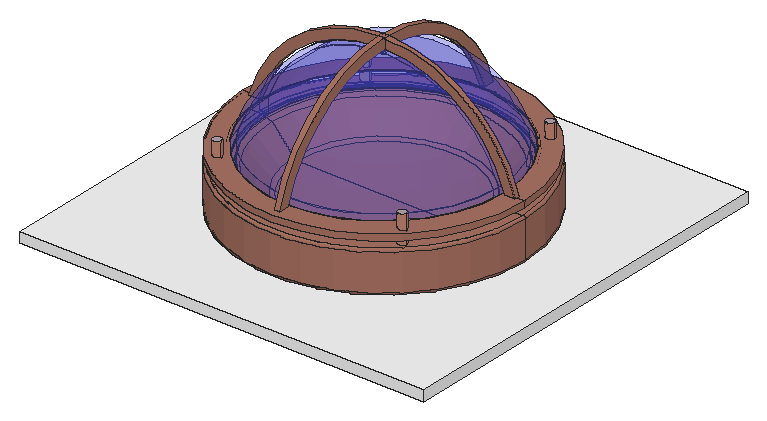
Revit family "BE_31329_de_DE", category Leuchten, Revit 2020
Family settings
  Basisbauteil = Fläche
  Bemaßung runder Anschluss = Durchmesser verwenden
  Teiletyp = Normal
  Beim Laden mit Abzugskörper schneiden = Ja
  Lichtquelle = Ja
  Gemeinsam genutzt = Nein
  Raumberechnungspunkt = Ja
Parameters (values of type "BEGA_31329_K3")
  built-in parameter 1150104 = 18.163 (stored number, unit not read)
  Wattage = 7.7 W
  Default Elevation = 0 mm
  built-in parameter 1150113 = 1 (stored number, unit not read)
  built-in parameter 1114218 = 1 (stored number, unit not read)
  Umgebungstemperatur = "25 °C"
  URL = "https://www.bega.com/de/produkt/31329"
  Typenkommentare = "© 2022 BEGA. Wir behalten uns das Recht vor, technische Änderungen ohne vorherige Ankündigung vorzunehmen."  # constant formula
  built-in parameter 1150134 = (empty or 0)
  built-in parameter 1150109 = 1 (stored number, unit not read)
  Strom = ""
  built-in parameter 1150110 = 1 (stored number, unit not read)
  Spannung = 239.996 V
  Sonderanfertigung = no
  Seriennummer [instance] = "Hier können Sie die eindeutige Seriennummer für das Facility Management eintragen."
  Schutzklasse = "I"
  Schutzart = "IP 64"
  Scheinlast = 0 VA
  Produktdatenblatt = "https://cdn.bega.com/bega/products/31329K3/current/documents/data-sheets/de"
  Oberflächentemperatur = ""
  Neigungswinkel = 0.00°
  Modell = "31329K3"
  Material_31 = BEGA_Oberfläche_Messing_matt
  Material_29 = BEGA_Oberfläche_Kupfer_matt
  Material_17 = BEGA_Reflektor
  Material_15 = BEGA_Leuchtmedium_matt
  Material_11 = BEGA_Glas_opal
  Material_09 = BEGA_Glas_klar
  Material_06 = BEGA_Oberfläche_Edelstahl_gebürstet
  Material_03 = BEGA_Oberfläche_Weiss_matt
  Material_02 = BEGA_Oberfläche_Silber_matt
  Material_01 [instance] = BEGA_Oberfläche_Grafit_matt
  M_W = no
  M_G = no
  M_A = no
  Logo = 0
  built-in parameter 1114217 = 1 (stored number, unit not read)
  built-in parameter 1150139 = (empty or 0)
  built-in parameter 1150105 = 119.79 (stored number, unit not read)
  built-in parameter 1150114 = 1 (stored number, unit not read)
  Lumens = 1505.35 lm
  built-in parameter 1150115 = 1 (stored number, unit not read)
  Leuchtenlichtstrom = "830 lm"
  Leuchtenanzahl = ""
  Lebensdauerkriterien = "L70B50 @ 25 °C = 200000 h"
  Lastklassifizierung = Beleuchtung
  built-in parameter 1150112 = 1 (stored number, unit not read)
  Lampenlichtstrom = "1505 lm"
  Lampe = "LED 7.7 W"
  LED_Modulbezeichnung = "LED-0276/830"
  built-in parameter 1150142 = (empty or 0)
  Hersteller = "BEGA"  # constant formula
  Halbstreuwinkel = ""
  Gewicht = "2.98 kg"
  Gebrauchslageneinschränkung [instance] = ""
  Frequenz = "0/50-60 Hz"
  Farbwiedergabeindex = "CRI > 80"
  Farbtemperaturverschiebung bei Dämpfen der Lampe = <Keine Auswahl>
  Farbtemperatur = "3000 K"
  Color Filter = 16777215
  built-in parameter 1150133 = 10 (stored number, unit not read)
  Energieeffizienzklasse = "LED A++ - A"
  built-in parameter 1150137 = (empty or 0)
  built-in parameter 1150132 = (empty or 0)
  ENEC = "ja"
  Datei für fotometrisches Netz = "BE_31329K3.IES"
  CE_Konformität = "ja"
  Bestellnummer = "31329K3"
  Beschreibung_Sonderanfertigung = "Hier können Sie Informationen zur Sonderanfertigung eintragen."
  Beschreibung = "Decken- und Wandleuchte"
  built-in parameter 1150106 = 1.1979 (stored number, unit not read)
  Befestigungsbohrung = "Ø 5,5 mm"
  Befestigungsabstand = "108 x 108 mm"
  Ballwurfsicher = ""
  BEGA_Intern_aus = yes
  BEGA_Intern_an = yes
  BEGA_Intern_Konstruktion = yes
  BEGA_Intern = yes
  BEGA_IES = yes
  BEGA_Dummy = no
  Anschlussleitung = ""
  Anschlussleistung [instance] = "9.2 W"
  built-in parameter 1150107 = 3000 (stored number, unit not read)
  built-in parameter 1150102 = (empty or 0)
  built-in parameter 1150138 = (empty or 0)
  Aktualisierung = "2022-05-18T04:00:07"
  Abstand_zur_angestrahlten_Fläche [instance] = ""
  AC/DC = "AC/DC"
Reference planes
  plane 1 "Mitte (Vorne/Hinten)": y = 0
  plane 2: z = 0
  plane 3 "Mitte (Links/Rechts)": x = 0
  plane 4 "Links": x = -140
  plane 5 "Rechts": x = 140
  plane 6 "Unten": y = -140
  plane 7 "Oben": y = 140
  plane 8 "Vorne": z = 155.903
  plane 9 "Hinten": z = 0
Forms (mm)
  Extrusion 1, solid, material "BEGA_Platte_Weiss"
    sketch origin (0, -1119.2, 0) x (1, 0, 0) y (0, 1, 0)
      loop
        line (-200, 1319.2) -> (-200, 919.2) -> (200, 919.2) -> (200, 1319.2) -> (-200, 1319.2)
    from 0 to -10
  Extrusion 2, solid, material "BEGA_Dummy_matt", visible <- "BEGA_Dummy"
    sketch origin (77.149, -76.023, 0) x (1, 0, 0) y (0, 1, 0)
      loop
        circle (-77.149, 76.023) r 140
    from 0 to 155.903
Dimensions and locks
  plane 1 "Mitte (Vorne/Hinten)" to Extrusion 1 = 200 mm
  aligned and locked: plane 2 to Extrusion 1
  aligned and locked: level to Extrusion 1
Nested families
  nested 1: "BE_31329" at (0, 0, 0), type "BE_31329"
Connectors
  electrical at (0, 0, 0), driven by "Lastklassifizierung", driven by "Spannung", driven by "Scheinlast"
    settings: index 1, voltage 239.996 V, apparent load 0 VA, apparent load phase1 0 VA, apparent load phase2 0 VA, apparent load phase3 0 VA, power factor 1, load classification "Beleuchtung", number of poles 1, system type 31, power factor state 1, is connector primary yes, connector utility no, sub classification motor no, connector description ""
Definition of nested family "BE_31329"
  Parameters (values of type "BE_31329")
    Default Elevation = 1 mm
    URL = "http://www.bega.de/de/produkt"
    Type Comments = "© 2015 BEGA. Wir behalten uns das Recht vor, technische Änderungen ohne vorherige Ankündigung vorzunehmen. "  # constant formula
    Type Image = (empty or 0)
    Neigungswinkel_um_Z2 = 0.00°
    Neigungswinkel_um_Z1 = 0.00°
    Neigungswinkel_um_Y2 = 0.00°
    Neigungswinkel_um_Y1 = 0.00°
    Neigungswinkel_um_X2 = 0.00°
    Neigungswinkel_um_X1 = 0.00°
    Material_31 = none
    Material_29 = none
    Material_17 = none
    Material_15 = none
    Material_11 = none
    Material_09 = none
    Material_06 = none
    Material_02 = none
    Material_01 = none
    M_W = yes
    M_G = yes
    M_A = yes
    Länge_Platte = 200 mm  # constant formula
    Höhe_Platte = -10 mm  # constant formula
    Manufacturer = "BEGA"  # constant formula
    Drehwinkel_um_Z2 = 0.00°
    Drehwinkel_um_Z1 = 0.00°
    Breite_Platte = 200 mm  # constant formula
  Reference planes
    plane 1 "Mitte (Oben/Unten)": y = 0
    plane 2: z = 0
    plane 3 "Mitte (Links/Rechts)": x = 0
    plane 4 "Vorne": z = 155.903
    plane 5 "Hinten": z = 0
    plane 6: x = -140
    plane 7: x = 140
    plane 8: y = -140
    plane 9: y = 140
  Forms (mm)
    Extrusion 1, solid, detail levels medium
      sketch origin (0, 0, 0) x (1, 0, 0) y (0, 1, 0)
        loop
          line (-100, 100) -> (-100, -100) -> (100, -100) -> (100, 100) -> (-100, 100)
      from 0 to -10 <- "Höhe_Platte"
    Revolve 2, solid, material <- "Material_29"
      sketch origin (0, 0, 0) x (1, 0, 0) y (0, 0, 1)
        loop
          line (-136, 4.25) -> (-136, 5.25) -> (-137.5, 5.25)
          arc (-137.5, 5.25) -> (-138.561, 5.689) -> (-139, 6.75) r 1.5
          line (-139, 6.75) -> (-139, 42.75)
          arc (-139, 42.75) -> (-138.561, 43.811) -> (-137.5, 44.25) r 1.5
          line (-137.5, 44.25) -> (-120.5, 44.25) -> (-120.5, 41.75) -> (-116.489, 41.75)
          arc (-116.489, 41.75) -> (-113.765, 41.198) -> (-111.47, 39.629) r 7
          line (-111.47, 39.629) -> (-90.008, 16.484)
          arc (-90.008, 16.484) -> (-87.68, 14.834) -> (-84.888, 14.25) r 7
          line (-84.888, 14.25) -> (0, 14.25) -> (0, 15.25) -> (-84.881, 15.25)
          arc (-84.881, 15.25) -> (-87.275, 15.748) -> (-89.272, 17.161) r 6
          line (-89.272, 17.161) -> (-111.033, 40.629)
          arc (-111.033, 40.629) -> (-113.328, 42.198) -> (-116.053, 42.75) r 7
          line (-116.053, 42.75) -> (-119.5, 42.75) -> (-119.5, 45.25) -> (-137.5, 45.25)
          arc (-137.5, 45.25) -> (-139.268, 44.518) -> (-140, 42.75) r 2.5
          line (-140, 42.75) -> (-140, 6.75)
          arc (-140, 6.75) -> (-139.268, 4.982) -> (-137.5, 4.25) r 2.5
          line (-137.5, 4.25) -> (-136, 4.25)
        axis (0, 4.25) -> (0, 45.25)
      angle from 0 to 360
    Revolve 3, solid, material <- "Material_11"
      sketch origin (0, 0, 0) x (1, 0, 0) y (0, 0, 1)
        loop
          line (-2.211, 140.45) -> (-0.014, 140.45) -> (-0.014, 144.45) -> (-2.207, 144.45)
          arc (-2.207, 144.45) -> (-74.734, 120.727) -> (-119.25, 58.75) r 122.811
          line (-119.25, 58.75) -> (-119.25, 57.75) -> (-121.15, 57.75)
          arc (-121.15, 57.75) -> (-121.846, 57.469) -> (-122.15, 56.783) r 1
          line (-122.15, 56.783) -> (-122.5, 46.75) -> (-118.5, 46.75) -> (-118.5, 45.25) -> (-115, 45.25) -> (-114, 46.25) -> (-114, 61.794)
          arc (-114, 61.794) -> (-70.549, 118.808) -> (-2.211, 140.45) r 118.811
        axis (0, 45.25) -> (0, 144.45)
      angle from 0 to 360
    Revolve 4, solid, material <- "Material_29"
      sketch origin (0, 0, 0) x (1, 0, 0) y (0, 0, 1)
        loop
          line (-138.5, 57.75) -> (-119.65, 57.75) -> (-119.65, 58.75) -> (-139.5, 58.75) -> (-139.5, 52.75) -> (-138.5, 52.75) -> (-138.5, 57.75)
        axis (0, 52.75) -> (0, 58.75)
      angle from 0 to 360
    Extrusion 5, solid, material <- "Material_29"
      sketch origin (0, 0, 0) x (1, 0, 0) y (0, 0, 1)
        loop
          arc (-3.536, 155.903) -> (-83.485, 128.495) -> (-131.221, 58.75) r 134.271
          line (-131.221, 58.75) -> (-121.346, 58.75)
          arc (-121.346, 58.75) -> (-76.329, 122.037) -> (-2.6, 146.449) r 124.811
          line (-2.6, 146.449) -> (-2.6, 151.443) -> (2.6, 151.443) -> (2.6, 146.449)
          arc (2.6, 146.449) -> (76.329, 122.037) -> (121.346, 58.75) r 124.811
          line (121.346, 58.75) -> (131.221, 58.75)
          arc (131.221, 58.75) -> (83.485, 128.495) -> (3.536, 155.903) r 134.271
          line (3.536, 155.903) -> (-3.536, 155.903)
      from -2.6 to 2.6
    Extrusion 6, solid, material <- "Material_29"
      sketch origin (0, 0, 0) x (0, 1, 0) y (0, 0, 1)
        loop
          arc (-2.6, 155.909) -> (-83.112, 128.778) -> (-131.221, 58.75) r 134.271
          line (-131.221, 58.75) -> (-121.346, 58.75)
          arc (-121.346, 58.75) -> (-76.704, 121.759) -> (-3.536, 146.443) r 124.811
          line (-3.536, 146.443) -> (3.536, 146.443)
          arc (3.536, 146.443) -> (76.704, 121.759) -> (121.346, 58.75) r 124.811
          line (121.346, 58.75) -> (131.221, 58.75)
          arc (131.221, 58.75) -> (83.112, 128.778) -> (2.6, 155.909) r 134.271
          line (2.6, 155.909) -> (2.6, 151.443) -> (-2.6, 151.443) -> (-2.6, 155.909)
      from -2.6 to 2.6
    Extrusion 7, void
      sketch origin (0, 0, 0) x (1, 0, 0) y (0, 1, 0)
        loop
          circle (-91.57, 91.57) r 4
        loop
          circle (-91.57, -91.57) r 4
        loop
          circle (91.57, -91.57) r 4
        loop
          circle (91.57, 91.57) r 4
      from 45.25 to 61.794
    Extrusion 8, solid, material <- "Material_31"
      sketch origin (0, 0, 0) x (1, 0, 0) y (0, 1, 0)
        loop
          circle (-91.57, 91.57) r 4
        loop
          circle (-91.57, -91.57) r 4
        loop
          circle (91.57, -91.57) r 4
        loop
          circle (91.57, 91.57) r 4
      from 44.25 to 72.35
    Extrusion 9, solid, material <- "Material_29"
      sketch origin (0, 0, 0) x (1, 0, 0) y (0, 1, 0)
        loop
          circle (54.094, 54.094) r 7.082
        loop
          circle (54.094, 54.094) r 2.75
        loop
          circle (-56.569, 56.569) r 2.75
        loop
          circle (-54.094, -54.094) r 7.082
        loop
          circle (-54.094, -54.094) r 2.75
        loop
          circle (56.569, -56.569) r 2.75
      from 0 to 14.622
  Cuts and joins
    Extrusion 7 cuts Revolve 2
    Extrusion 7 cuts Revolve 4
    joined: Revolve 2, Revolve 4, Extrusion 9
  Dimensions and locks
    equal spacing: Extrusion 1 sketch curve, plane 3 "Mitte (Links/Rechts)", Extrusion 1 sketch curve
    equal spacing: Extrusion 1 sketch curve, plane 1 "Mitte (Oben/Unten)", Extrusion 1 sketch curve
    "Länge_Platte": Extrusion 1 sketch curve to Extrusion 1 sketch curve
    "Breite_Platte": Extrusion 1 sketch curve to Extrusion 1 sketch curve
    aligned and locked: plane 2 to Extrusion 1
    aligned and locked: level to Extrusion 1
  Automatic sketch dimensions
    Revolve 2 sketch curve to Revolve 2 sketch curve = 0 mm  (x23)
    Revolve 2 sketch curve to plane 3 "Mitte (Links/Rechts)" = 0 mm  (x2)
    level to Revolve 2 sketch curve = 21.25 mm
    Revolve 2 sketch curve to plane 3 "Mitte (Links/Rechts)" = 84.881 mm
    Revolve 2 sketch curve to Revolve 2 sketch curve = 0.006 mm
    level to Revolve 2 sketch curve = 17.161 mm
    Revolve 2 sketch curve to Revolve 2 sketch curve = 4.391 mm
    level to Revolve 2 sketch curve = 16.484 mm
    Revolve 2 sketch curve to Revolve 2 sketch curve = 0.736 mm
    level to Revolve 2 sketch curve = 40.629 mm
    Revolve 2 sketch curve to Revolve 2 sketch curve = 21.762 mm
    level to Revolve 2 sketch curve = 39.629 mm
    Revolve 2 sketch curve to Revolve 2 sketch curve = 0.436 mm  (x2)
    Revolve 2 sketch curve to Revolve 2 sketch curve = 4.583 mm
    Revolve 2 sketch curve to Revolve 2 sketch curve = 3.447 mm
    Revolve 2 sketch curve to Revolve 2 sketch curve = 1 mm  (x7)
    level to Revolve 2 sketch curve = 4.25 mm
    Revolve 2 sketch curve to Revolve 2 sketch curve = 19.511 mm
    Revolve 2 sketch curve to Revolve 2 sketch curve = 17 mm
    Revolve 2 sketch curve to Revolve 2 sketch curve = 1.5 mm  (x6)
    Revolve 2 sketch curve to Revolve 2 sketch curve = 4.879 mm
    Revolve 2 sketch curve to Revolve 2 sketch curve = 52.5 mm
    Revolve 2 sketch curve to Revolve 2 sketch curve = 35 mm
    Revolve 3 sketch curve to Revolve 3 sketch curve = 0 mm  (x2)
    Revolve 3 sketch curve to plane 3 "Mitte (Links/Rechts)" = 0 mm
    Revolve 3 sketch curve to plane 3 "Mitte (Links/Rechts)" = 0.014 mm
    Revolve 3 sketch curve to plane 3 "Mitte (Links/Rechts)" = 2.18 mm
    Revolve 3 sketch curve to Revolve 3 sketch curve = 2.194 mm
    Revolve 3 sketch curve to Revolve 3 sketch curve = 2.197 mm
    Revolve 3 sketch curve to Revolve 3 sketch curve = 1 mm  (x3)
    Revolve 3 sketch curve to Revolve 3 sketch curve = 3.5 mm
    Revolve 3 sketch curve to Revolve 3 sketch curve = 5.25 mm
    Revolve 3 sketch curve to Revolve 3 sketch curve = 1.9 mm
    Revolve 3 sketch curve to Revolve 3 sketch curve = 0.999 mm
    Revolve 3 sketch curve to Revolve 3 sketch curve = 4 mm
    level to Revolve 3 sketch curve = 21.639 mm
    level to Revolve 3 sketch curve = 45.25 mm
    Revolve 3 sketch curve to Revolve 3 sketch curve = 1.5 mm
    Revolve 3 sketch curve to Revolve 3 sketch curve = 10 mm  (x2)
    Revolve 3 sketch curve to Revolve 3 sketch curve = 0.033 mm
    Revolve 3 sketch curve to Revolve 3 sketch curve = 3.044 mm
    Revolve 3 sketch curve to Revolve 3 sketch curve = 25 mm
    Revolve 4 sketch curve to plane 3 "Mitte (Links/Rechts)" = 0 mm
    Revolve 4 sketch curve to Revolve 4 sketch curve = 18.85 mm
    Revolve 4 sketch curve to Revolve 4 sketch curve = 1 mm  (x2)
    level to Revolve 4 sketch curve = 52.75 mm
    Revolve 4 sketch curve to Revolve 4 sketch curve = 5 mm
    level to Revolve 4 sketch curve = 27.75 mm
    Revolve 4 sketch curve to Revolve 4 sketch curve = 45 mm
    Extrusion 6 sketch curve to Extrusion 6 sketch curve = 0 mm  (x5)
    Extrusion 6 sketch curve to Extrusion 6 sketch curve = 9.875 mm  (x2)
    plane 1 "Mitte (Oben/Unten)" to Extrusion 6 sketch curve = 3.536 mm
    plane 1 "Mitte (Oben/Unten)" to Extrusion 6 sketch curve = 2.6 mm
    plane 1 "Mitte (Oben/Unten)" to Extrusion 6 sketch curve = 2.18 mm
    Extrusion 6 sketch curve to plane 1 "Mitte (Oben/Unten)" = 2.18 mm
    Extrusion 6 sketch curve to plane 1 "Mitte (Oben/Unten)" = 2.6 mm
    Extrusion 6 sketch curve to plane 1 "Mitte (Oben/Unten)" = 3.536 mm
    level to Extrusion 6 sketch curve = 58.75 mm  (x2)
    level to Extrusion 6 sketch curve = 21.639 mm
    Extrusion 6 sketch curve to Extrusion 6 sketch curve = 4.467 mm
    Extrusion 5 sketch curve to Extrusion 5 sketch curve = 0 mm  (x6)
    Extrusion 5 sketch curve to Extrusion 5 sketch curve = 9.875 mm  (x2)
    Extrusion 5 sketch curve to plane 3 "Mitte (Links/Rechts)" = 2.6 mm
    Extrusion 5 sketch curve to plane 3 "Mitte (Links/Rechts)" = 2.18 mm
    plane 3 "Mitte (Links/Rechts)" to Extrusion 5 sketch curve = 2.18 mm
    plane 3 "Mitte (Links/Rechts)" to Extrusion 5 sketch curve = 2.6 mm
    level to Extrusion 5 sketch curve = 58.75 mm  (x2)
    level to Extrusion 5 sketch curve = 21.639 mm
    Extrusion 5 sketch curve to plane 3 "Mitte (Links/Rechts)" = 3.536 mm
    Extrusion 5 sketch curve to Extrusion 5 sketch curve = 4.461 mm
    Extrusion 8 sketch curve to plane 3 "Mitte (Links/Rechts)" = 91.57 mm  (x2)
    Extrusion 8 sketch curve to plane 1 "Mitte (Oben/Unten)" = 91.57 mm  (x2)
    Extrusion 8 sketch curve to Extrusion 8 sketch curve = 4 mm  (x4)
    plane 1 "Mitte (Oben/Unten)" to Extrusion 8 sketch curve = 91.57 mm  (x2)
    plane 3 "Mitte (Links/Rechts)" to Extrusion 8 sketch curve = 91.57 mm  (x2)
    Extrusion 8 sketch curve to Extrusion 8 sketch curve = 0 mm  (x2)
    Revolve 3 sketch curve to plane 3 "Mitte (Links/Rechts)" = 114 mm
    Revolve 4 sketch curve to plane 3 "Mitte (Links/Rechts)" = 119.65 mm
    Extrusion 5 sketch curve to plane 4 "Vorne" = 0 mm
    plane 3 "Mitte (Links/Rechts)" to Extrusion 5 sketch curve = 121.346 mm
    Extrusion 6 sketch curve to plane 1 "Mitte (Oben/Unten)" = 121.346 mm
